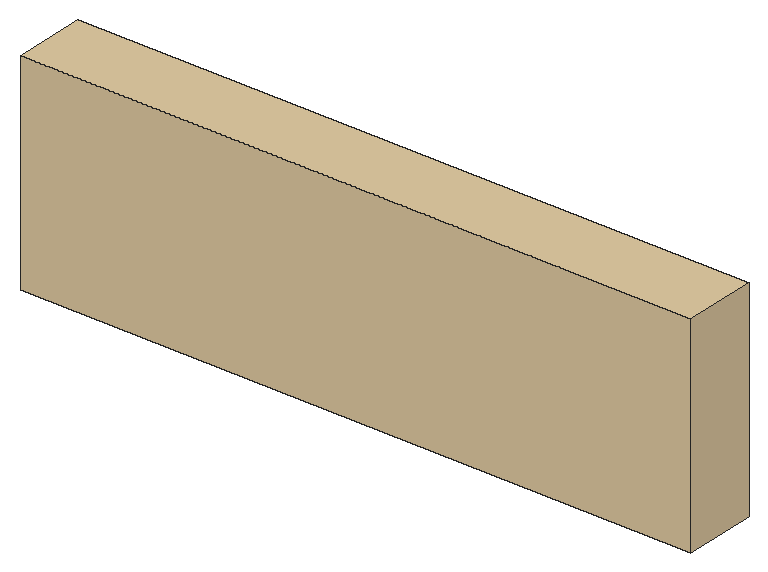
Revit family "9124bef246f5400081c3ab6fde6478c5", category Structural Framing, Revit 2021
Family settings
  Structural Framing Length Roundoff = 0' - 0"
  Section Shape = Not Defined
  Material for Model Behavior = Wood
  Always export as geometry = No
  OmniClass Number = 23.25.30.11.14.14
  OmniClass Title = Beams
  Seek Item ID = Glulam-Western Species-0000-USA-ENU
  Always vertical = Yes
  Cut with Voids When Loaded = No
  Symbolic Representation = From Project Settings
  Shared = No
  Show family pre-cut in plan views = Yes
Parameters (values of type "5.125x15")
  Structural Material [instance] = Softwood, Lumber
  A = 76.88 in²
  Assembly Code = "B10"
  Ix = 1441
  Iy = 168.3
  Laminations = "10"
  Length [instance] = 5' - 0"
  Sx = 192.2
  Sy = 65.66
  b = 0' - 5 1/8"
  d = 1' - 3"
Types (2): name | A | Ix | Iy | Laminations | Sx | Sy | b | d
  5.125x15 | 76.88 in² | 1441 | 168.3 | "10" | 192.2 | 65.66 | 0' - 5 1/8" | 1' - 3"
  3.125x12 | 37.50 in² | 450 | 30.52 | "8" | 75 | 19.53 | 0' - 3 1/8" | 1' - 0"
Reference planes (in)
  plane 1 "Center (Front/Back)": y = 0
  plane 2: z = 0
  plane 3 "Center (Left/Right)": x = 0.1815
  plane 4 "Member Left": x = -23.8185
  plane 5 "Member Right": x = 24.1815
  plane 6: y = 2.5625
  plane 7: y = -2.5625
  plane 8: z = 7.5
  plane 9: z = -7.5
  plane 10 "Left": x = -29.8185
  plane 11 "Stick Symbol Left": x = -17.8185
  plane 12 "Stick Symbol Right": x = 18.1815
  plane 13 "Right": x = 30.1815
Forms (in)
  Sweep 1, solid, material "Softwood, Lumber" <- "Structural Material", detail levels medium+fine
    path origin (0, 0, 0) x (1, 0, 0) y (0, 1, 0)
      loop
        line (24.1815, 0) -> (-23.8185, 0)
    profile "Rectangular Wood Beam-Profile : Rectangular Wood Beam-Profile" origin (0.1815, 0, 0) x (0, -1, 0) y (0, 0, 1)
      loop
        line (-2.5625, -7.5) -> (2.5625, -7.5) -> (2.5625, 7.5) -> (-2.5625, 7.5) -> (-2.5625, -7.5)
Lines and regions (in)
  symbolic lines, style "Stick Symbols", detail levels coarse
    curve 1: line (0.1815, 2.5625, 7.5) -> (0.1815, -2.5625, 7.5)
    curve 2: line (0.1815, -2.5625, -7.5) -> (0.1815, 2.5625, -7.5)
    curve 3: line (0.1815, -2.5625, 7.5) -> (0.1815, -2.5625, -7.5)
    curve 4: line (0.1815, 2.5625, -7.5) -> (0.1815, 2.5625, 7.5)
Dimensions and locks (in)
  "b": plane 6 to plane 7
  "d": plane 9 to plane 8
  equal spacing: plane 9, plane 2, plane 8
  equal spacing: plane 6, plane 1 "Center (Front/Back)", plane 7
  "Length": plane 10 "Left" to plane 13 "Right"
  aligned and locked: Sweep 1 sketch curve to plane 1 "Center (Front/Back)"
  aligned and locked: curve 1 to Sweep 1
  aligned and locked: curve 2 to Sweep 1
  aligned and locked: curve 3 to Sweep 1
  aligned and locked: curve 4 to Sweep 1
  aligned and locked: plane 4 "Member Left" to Sweep 1 sketch curve
  aligned and locked: plane 5 "Member Right" to Sweep 1 sketch curve
